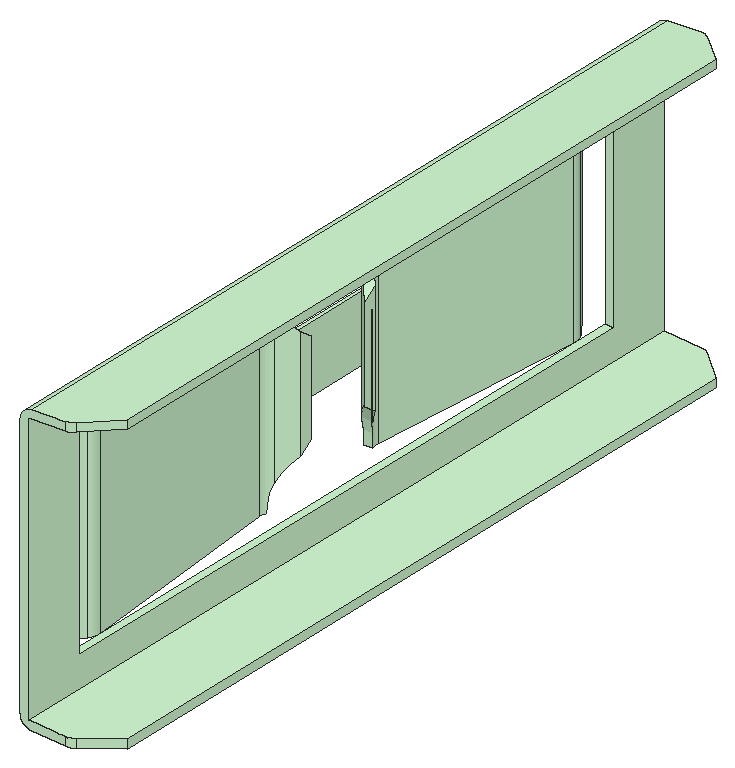
Revit family "CC-25用ジョイント", category 機械設備, Revit 2020
Family settings
  丸型コネクタ寸法 = 直径を使用
  種別 = なし
  パーツ タイプ = 標準
  作業面ベース = いいえ
  常に垂直 = はい
  ロード時にボイドで切り取り = いいえ
  共有 = いいえ
  部屋計算ポイント = いいえ
Parameters (values of type "CC-25用ジョイント")
  製造元 = "株式会社桐井製作所"
  既定の高さ = 0 mm
  URL = "https://www.kirii.co.jp/"
  K_材質 = "SGCC　一般用"
  K_品名 = "CC-25用ジョイント"
  K_名称 = "野縁受けジョイント"
  K_単位質量(kg/個) = 0.045
  K_入数 = "300"
  K_バージョン情報 = "20210524"
  K_めっき付着量 = "Z12"
  K_JIS規格 = "JIS G 3302"
  K_JIS外 [instance] = not(K_JIS)  # no
  K_JIS [instance] = yes
Reference planes
  plane 1 "中心(正面/背面)": y = 0
  plane 2: z = 0
  plane 3 "中心(左/右)": x = 0
Forms (mm)
  Extrusion 1, solid
    sketch origin (2.7, 0, 0) x (1, 0, 0) y (0, 0, 1)
      loop
        line (-11.7, -16.179) -> (-11.7, 16.179) -> (-2.7, 16.599) -> (-2.7, 17.6) -> (-11.27, 17.2)
        arc (-11.27, 17.2) -> (-12.285, 16.737) -> (-12.7, 15.702) r 1.5
        line (-12.7, 15.702) -> (-12.7, -15.702)
        arc (-12.7, -15.702) -> (-12.285, -16.737) -> (-11.27, -17.2) r 1.5
        line (-11.27, -17.2) -> (-2.715, -17.599) -> (-2.715, -16.598) -> (-11.7, -16.179)
    from -47.5 to 47.5
  Extrusion 2, solid
    sketch origin (-7.559, -7.561, 0) x (1, 0, 0) y (0, 1, 0)
      loop
        line (-2.441, 2.059) -> (-2.441, 3.511) -> (-4.966, 0.855)
        arc (-4.966, 0.855) -> (-5.596, -0.147) -> (-5.79, -1.315) r 3
        arc (-5.79, -1.315) -> (-4.972, -14.885) -> (-3.447, -28.395) r 260.45
        line (-3.447, -28.395) -> (-5.639, -31.344) -> (-4.837, -31.941) -> (-2.889, -29.32)
        arc (-2.889, -29.32) -> (-2.557, -28.624) -> (-2.513, -27.854) r 2
        arc (-2.513, -27.854) -> (-3.993, -14.596) -> (-4.79, -1.28) r 259.45
        arc (-4.79, -1.28) -> (-4.661, -0.502) -> (-4.241, 0.166) r 2
        line (-4.241, 0.166) -> (-2.441, 2.059)
      loop
        line (-4.837, 47.059) -> (-5.639, 46.463) -> (-3.447, 43.513)
        arc (-3.447, 43.513) -> (-4.972, 30.004) -> (-5.79, 16.433) r 260.45
        arc (-5.79, 16.433) -> (-5.596, 15.265) -> (-4.966, 14.264) r 3
        line (-4.966, 14.264) -> (-2.441, 11.608) -> (-2.441, 13.059) -> (-4.241, 14.953)
        arc (-4.241, 14.953) -> (-4.661, 15.621) -> (-4.79, 16.399) r 2
        arc (-4.79, 16.399) -> (-3.993, 29.715) -> (-2.513, 42.972) r 259.45
        arc (-2.513, 42.972) -> (-2.557, 43.742) -> (-2.889, 44.438) r 2
        line (-2.889, 44.438) -> (-4.837, 47.059)
    from -12.5 to 12.5
  Extrusion 3, solid
    sketch origin (-7.559, -7.54, 0) x (1, 0, 0) y (0, 1, 0)
      loop
        arc (-6.208, 30.771) -> (-7.241, 7.521) -> (-6.204, -15.729) r 261.75
        line (-6.204, -15.729) -> (-4.688, -17.979)
        arc (-4.688, -17.979) -> (-5.372, -9.665) -> (-5.79, -1.334) r 260.45
        arc (-5.79, -1.334) -> (-5.941, 7.54) -> (-5.79, 16.414) r 260.45
        arc (-5.79, 16.414) -> (-5.373, 24.726) -> (-4.691, 33.021) r 260.45
        line (-4.691, 33.021) -> (-6.208, 30.771)
    from -4 to 4
  Extrusion 4, void
    sketch origin (0, 0, 0) x (0, 1, 0) y (0, 0, 1)
      loop
        arc (-8, 12.5) -> (0, 4.5) -> (8, 12.5) r 8
        line (8, 12.5) -> (-8, 12.5)
      loop
        arc (8, -12.5) -> (0, -4.5) -> (-8, -12.5) r 8
        line (-8, -12.5) -> (8, -12.5)
    from -13.289 to -10
  Extrusion 5, void
    sketch origin (2.7, 0, 0) x (0, 1, 0) y (0, 0, 1)
      loop
        line (40, 12.5) -> (-40, 12.5) -> (-40, -12.5) -> (40, -12.5) -> (40, 12.5)
    from -12.7 to -11.7
  Extrusion 6, void
    sketch origin (0, 0, 0) x (1, 0, 0) y (0, 1, 0)
      loop
        line (-3.574, 47.122) -> (0, 43.95) -> (0, 47.5) -> (-4.57, 47.5)
        arc (-4.57, 47.5) -> (-4.037, 47.402) -> (-3.574, 47.122) r 1.5
      loop
        line (0, -43.95) -> (-3.574, -47.122)
        arc (-3.574, -47.122) -> (-4.037, -47.402) -> (-4.57, -47.5) r 1.5
        line (-4.57, -47.5) -> (0, -47.5) -> (0, -43.95)
    from 16.245 to 18.824
  Extrusion 7, void
    sketch origin (0, 0, -35) x (1, 0, 0) y (0, 1, 0)
      loop
        line (-3.574, 47.122) -> (0, 43.95) -> (0, 47.5) -> (-4.57, 47.5)
        arc (-4.57, 47.5) -> (-4.037, 47.402) -> (-3.574, 47.122) r 1.5
      loop
        line (0, -43.95) -> (-3.574, -47.122)
        arc (-3.574, -47.122) -> (-4.037, -47.402) -> (-4.57, -47.5) r 1.5
        line (-4.57, -47.5) -> (0, -47.5) -> (0, -43.95)
    from 16.245 to 18.824
Cuts and joins
  Extrusion 4, Extrusion 5, Extrusion 6, Extrusion 7 cuts Extrusion 1
  Extrusion 4 cuts Extrusion 2
Dimensions and locks
  aligned and locked: level to plane 2
